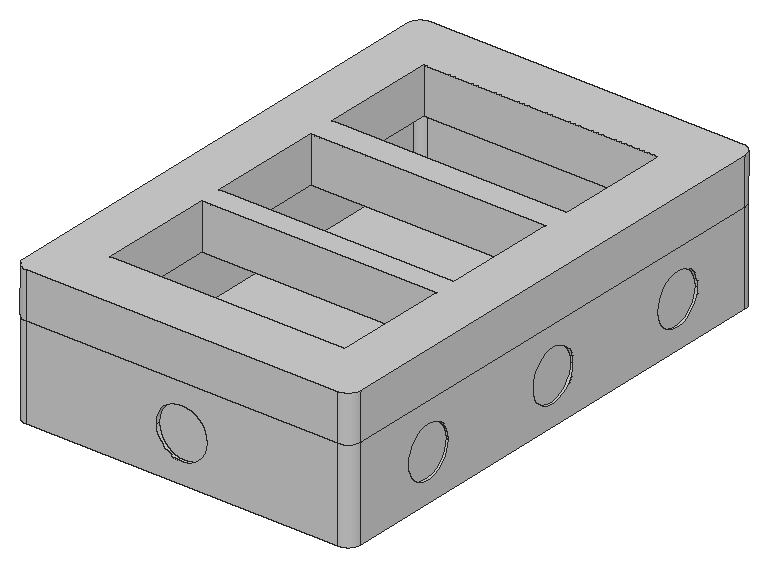
Revit family "Domotics-DomesticRanges-GEWISS-27COMBI_SYSTEM-IP40_2P+2P+2P_4P+4P+4P_VERTICAL", category Apparecchi elettrici, host Superficie, Revit 2016
Family settings
  Host = Superficie
  Mantenere orientamento annotazione = Sì
  Tipo di parte = Normale
  Quota connettore circolare = Usa diametro
  Numero OmniClass = 23.80.30.14.24
  Titolo OmniClass = Junction Boxes
  Taglio con vuoti quando caricato = Sì
  Condiviso = No
  Punto di calcolo locali = No
Parameters (values of type "GW27024 - 4x3 gangs vertical")
  Version file RFA = "19.4"
  URL = "https://www.gewiss.com/ww/en"
  Type of knockout holes = "Removable with tool"
  Torque screws tightening = "0,8NM"
  Tipo = SYSTEM CONTENITORI IP40 3P V_BASE : GW27024 - 4x3 posti verticali
  Thermo-pressure with ball = "70 °C"
  Technical sheet = "https://www.gewiss.com/ww/en/search?q=GW27024"
  Standard; = "EN 60670-1"
  Shock resistance = "IK07"
  SEO = "Enclosure"
  SCATOLA = GEWISS GRIGIO
  Realized by GEWISS S.p.A. = ""
  Produttore = "GEWISS S.p.A."
  Outer dim. LxHxD (mm) = "132x198x55"
  Offset contenitore [instance] = 0 mm
  Offset bidimensionale [instance] = Offset contenitore + 55 mm  # 55 mm
  No. knockout holes Ã˜23 = "12 on sides / 3 on the bottom"
  No. knockout holes Ã˜ 23 = "12"
  Modello = "GW27024"
  Lid screws = "Corrosion-resistant steel"
  Larghezza scatola = 132 mm
  Insulation class = "II"
  Installation temperature = "-25 +60 °C"
  IP degree = "IP40"
  IFC.TypeObject = ""
  IFC.ExportType = ""
  IFC.ExportAs = ""
  IDT = "3d13f3d9-1d3d-499b-bc30-5f792185b541"
  IDF = "5774814a-3d43-4596-b29a-0fe0abd6822c"
  Glow Wire Test = "650°C"
  Electrocod = "0212"
  EAN code = "8011564055353"
  Distanza simbolo [instance] = 231.658 mm
  Default Elevation = 1219.2 mm
  Immagine tipo = GW27024.jpg
  Dimensions LxHxD (mm) = "132x198x55"
  Descrizione = "VERT.12(4X3) GANG ENCLOSURE IP40"
  Description: = "12 gang"
  Configuration = "Module 4 x 3"
  Compartment pre-arrangement = "3"
  Colour = "Grey RAL 7035"
  Characteristics = "Halogen free"
  Catalogue Range = "27COMBI"
  Catalogue = "DOMOTICS"
  COBie.Tagnumber = ""
  COBie.CreatedOn = ""
  COBie.CreatebBy = ""
  COBie.ComponentRegisterItemID = ""
  COBie.Component.TagNumber = ""
  COBie.Component.Space = ""
  COBie.Component.SerialNumber = ""
  COBie.Component.InstallationDate = ""
  COBie.Component.Description = ""
  COBie.Component.BarCode = ""
  Bidimensionale = bidimensionale system contenitori IP40 3PV : 4P
  Altezza simbolo [instance] = 102.729 mm
Types (2, lengths in mm): name | Tipo | Technical sheet | Outer dim. LxHxD (mm) | No. knockout holes Ã˜23 | No. knockout holes Ã˜ 23 | Modello | Larghezza scatola | IDT | EAN code | Immagine tipo | Dimensions LxHxD (mm) | Descrizione | Description: | Configuration | Bidimensionale
  GW27022 - 2x3 gangs vertical | SYSTEM CONTENITORI IP40 3P V_BASE : GW27022 - 2x3 posti verticali | "https://www.gewiss.com/ww/en/search?q=GW27022" | "82x198x55" | "8 on sides / 2 on the bottom" | "8" | "GW27022" | 82 | "3b119ec6-0998-45b5-a511-7bca3aa36089" | "8011564055339" | GW27022.jpg | "82x198x55" | "VERT.6(3X2) GANG ENCLOSURE IP40" | "6 gang" | "Module 2 x 3" | bidimensionale system contenitori IP40 3PV : 2P
  GW27024 - 4x3 gangs vertical | SYSTEM CONTENITORI IP40 3P V_BASE : GW27024 - 4x3 posti verticali | "https://www.gewiss.com/ww/en/search?q=GW27024" | "132x198x55" | "12 on sides / 3 on the bottom" | "12" | "GW27024" | 132 | "3d13f3d9-1d3d-499b-bc30-5f792185b541" | "8011564055353" | GW27024.jpg | "132x198x55" | "VERT.12(4X3) GANG ENCLOSURE IP40" | "12 gang" | "Module 4 x 3" | bidimensionale system contenitori IP40 3PV : 4P
Reference planes
  plane 1 "Centro (Fronte/Retro)": y = 0
  plane 2: z = 0
  plane 3 "Centro (Sinistra/Destra)": x = 0
  plane 4: z = 0
  plane 5 "piano bidimensionale": z = 55
  plane 6: y = 99
  plane 7: y = -99
  plane 8 "2": x = -66
  plane 9 "1": x = 66
  plane 10: y = 61
  plane 11: y = -61
Forms (mm)
  Extrusion 1, solid, material "GEWISS GRIGIO" <- "SCATOLA", detail levels coarse
    sketch origin (0, 0, 55) x (0, -1, 0) y (1, 0, 0)
      loop
        arc (94, -66) -> (97.536, -64.536) -> (99, -61) r 5
        line (99, -61) -> (99, 61)
        arc (99, 61) -> (97.536, 64.536) -> (94, 66) r 5
        line (94, 66) -> (-94, 66)
        arc (-94, 66) -> (-97.536, 64.536) -> (-99, 61) r 5
        line (-99, 61) -> (-99, -61)
        arc (-99, -61) -> (-97.536, -64.536) -> (-94, -66) r 5
        line (-94, -66) -> (94, -66)
    from -55 to 0
Lines and regions (mm)
  Masking region 1
    outline origin (0, 0, 0) x (1, 0, 0) y (0, 0, 1)
      loop
        line (66, 0) -> (66, 55) -> (-66, 55) -> (-66, 0) -> (66, 0)
  Masking region 2
    outline origin (0, 0, 0) x (0, 1, 0) y (0, 0, 1)
      loop
        line (99, 0) -> (99, 55) -> (-99, 55) -> (-99, 0) -> (99, 0)
  Masking region 3, detail levels medium+fine
    outline origin (0, 0, 0) x (1, 0, 0) y (0, 0, 1)
      loop
        circle (0, 17.844) r 10
  Masking region 4, detail levels medium+fine
    outline origin (0, 0, 0) x (0, 1, 0) y (0, 0, 1)
      loop
        circle (0, 20.05) r 10
      loop
        circle (-61, 20.05) r 10
      loop
        circle (61, 20.05) r 10
Dimensions and locks
  "Offset contenitore": plane 4 to host face
  "Offset bidimensionale": plane 5 "piano bidimensionale" to plane 2
  "Larghezza scatola": plane 8 "2" to plane 9 "1"
  equal spacing: plane 8 "2", plane 3 "Centro (Sinistra/Destra)", plane 9 "1"
  equal spacing: plane 6, plane 1 "Centro (Fronte/Retro)", plane 7
  locked: plane 6 to plane 7 at 198
  plane 10 to plane 1 "Centro (Fronte/Retro)" to plane 11 = 61 mm locked, 61 mm locked
  aligned and locked: plane 2 to host face
  aligned and locked: level to host face
  aligned and locked: plane 1 "Centro (Fronte/Retro)" to nested 1
  aligned and locked: plane 3 "Centro (Sinistra/Destra)" to nested 1
  aligned and locked: Extrusion 1 sketch curve to nested 1
  aligned and locked: Extrusion 1 to plane 4
  aligned and locked: plane 5 "piano bidimensionale" to Extrusion 1
  aligned and locked: plane 3 "Centro (Sinistra/Destra)" to nested 2
  aligned and locked: plane 1 "Centro (Fronte/Retro)" to nested 2
  aligned and locked: plane 5 "piano bidimensionale" to nested 2
  aligned and locked: Extrusion 1 to plane 8 "2"
  aligned and locked: plane 9 "1" to Extrusion 1
  aligned and locked: Masking region 1 sketch curve to Extrusion 1  (x4)
  aligned and locked: Masking region 2 sketch curve to Extrusion 1  (x4)
  aligned and locked: nested 1 to Extrusion 1
Automatic sketch dimensions
  host sketch curve to host sketch curve = 2438.4 mm  (x2)
  Extrusion 1 sketch curve to plane 6 = 5 mm  (x2)
  plane 7 to Extrusion 1 sketch curve = 5 mm  (x2)
  Extrusion 1 sketch curve to plane 7 = 0 mm
  Extrusion 1 sketch curve to plane 8 "2" = 0 mm
  Extrusion 1 sketch curve to plane 9 "1" = 5 mm
  Masking region 3 sketch curve to plane 3 "Centro (Sinistra/Destra)" = 0 mm
  plane 4 to Masking region 3 sketch curve = 17.844 mm
  Masking region 4 sketch curve to plane 11 = 0 mm
  Masking region 4 sketch curve to plane 1 "Centro (Fronte/Retro)" = 0 mm
  Masking region 4 sketch curve to plane 10 = 0 mm
  plane 4 to Masking region 4 sketch curve = 20.05 mm  (x3)
  radius of Masking region 3 sketch curve = 10 mm
  radius of Masking region 4 sketch curve = 10 mm  (x3)
Nested families
  nested 1: "SYSTEM CONTENITORI IP40 3P V_BASE" at (0, 0, 0), type <- "Tipo", type "GW27024 - 4x3 posti verticali"
  nested 2: "bidimensionale system contenitori IP40 3PV" at (0, 0, 55), type <- "Bidimensionale", type "4P", detail levels coarse
Connectors
  cabletrayconduit at (0, -99, 18), diameter 20
    settings: on nested 1, index 4, connector width 300 mm, connector height 300 mm, connector angle 0.00°, system type 32, placement type 0, profile type 0, connector reference index -1, is primary connector yes, connector utility param no, connector description ""
  cabletrayconduit at (0, 99, 18), diameter 20
    settings: on nested 1, index 8, connector width 300 mm, connector height 300 mm, connector angle 0.00°, system type 32, placement type 0, profile type 0, connector reference index -1, is primary connector no, connector utility param no, connector description ""
  cabletrayconduit at (66, 0, 40), diameter 20
    settings: index 9, connector width 300 mm, connector height 300 mm, connector angle 0.00°, system type 32, placement type 0, profile type 0, connector reference index -1, is primary connector no, connector utility param no, connector description ""
  cabletrayconduit at (66, 61, 40), diameter 20
    settings: index 10, connector width 300 mm, connector height 300 mm, connector angle 0.00°, system type 32, placement type 0, profile type 0, connector reference index -1, is primary connector no, connector utility param no, connector description ""
  cabletrayconduit at (66, -61, 40), diameter 20
    settings: index 11, connector width 300 mm, connector height 300 mm, connector angle 0.00°, system type 32, placement type 0, profile type 0, connector reference index -1, is primary connector no, connector utility param no, connector description ""
  cabletrayconduit at (-66, 0, 40), diameter 20
    settings: index 12, connector width 300 mm, connector height 300 mm, connector angle 0.00°, system type 32, placement type 0, profile type 0, connector reference index -1, is primary connector no, connector utility param no, connector description ""
  cabletrayconduit at (-66, 61, 40), diameter 20
    settings: index 13, connector width 300 mm, connector height 300 mm, connector angle 0.00°, system type 32, placement type 0, profile type 0, connector reference index -1, is primary connector no, connector utility param no, connector description ""
  cabletrayconduit at (-66, -61, 40), diameter 20
    settings: index 14, connector width 300 mm, connector height 300 mm, connector angle 0.00°, system type 32, placement type 0, profile type 0, connector reference index -1, is primary connector no, connector utility param no, connector description ""
Definition of nested family "SYSTEM CONTENITORI IP40 3P V_BASE"
  Parameters (values of type "GW27024 - 4x3 posti verticali")
    SCATOLA = none
    PRESA = none
    Profondità scatola = 55 mm  # constant formula
    Larghezza scatola = 132 mm
    Larghezza foro = 92 mm
    Bidimensionale = 70 mm
    Altezza scatola = 198 mm  # constant formula
    Altezza foro = 45 mm
  Types (2, lengths in mm): name | Larghezza scatola | Larghezza foro
    GW27022 - 2x3 posti verticali | 82 | 46
    GW27024 - 4x3 posti verticali | 132 | 92
  Reference planes
    plane 1 "Centro (Fronte/Retro)": y = 0
    plane 2: z = 0
    plane 3 "Centro (Sinistra/Destra)": x = 0
    plane 4: y = -99
    plane 5: y = 99
    plane 6: x = -66
    plane 7: x = 66
    plane 8 "PIANO BIDIMENSIONALE": z = 70
    plane 9: z = 55
    plane 10: x = -46
    plane 11: x = 46
    plane 12: y = 21.5
    plane 13: y = -23.5
    plane 14: y = 32
    plane 15: y = 77
    plane 16: y = -32
    plane 17: y = -77
  Forms (mm)
    Extrusion 1, solid, material <- "SCATOLA", detail levels medium+fine
      sketch origin (0, 0, 66) x (0, -1, 0) y (1, 0, 0)
        loop
          arc (-99, -61) -> (-97.536, -64.536) -> (-94, -66) r 5
          line (-94, -66) -> (94, -66)
          arc (94, -66) -> (97.536, -64.536) -> (99, -61) r 5
          line (99, -61) -> (99, 61)
          arc (99, 61) -> (97.536, 64.536) -> (94, 66) r 5
          line (94, 66) -> (-94, 66)
          arc (-94, 66) -> (-97.536, 64.536) -> (-99, 61) r 5
          line (-99, 61) -> (-99, -61)
        loop
          arc (-94, 64) -> (-96.121, 63.121) -> (-97, 61) r 3
          line (-97, 61) -> (-97, -61)
          arc (-97, -61) -> (-96.121, -63.121) -> (-94, -64) r 3
          line (-94, -64) -> (94, -64)
          arc (94, -64) -> (96.121, -63.121) -> (97, -61) r 3
          line (97, -61) -> (97, 61)
          arc (97, 61) -> (96.121, 63.121) -> (94, 64) r 3
          line (94, 64) -> (-94, 64)
      from -66 to -30
    Extrusion 2, solid, material <- "SCATOLA", detail levels medium+fine
      sketch origin (0, 0, 56) x (0, -1, 0) y (1, 0, 0)
        loop
          line (-94, -66) -> (94, -66)
          arc (94, -66) -> (97.536, -64.536) -> (99, -61) r 5
          line (99, -61) -> (99, 61)
          arc (99, 61) -> (97.536, 64.536) -> (94, 66) r 5
          line (94, 66) -> (-94.002, 66)
          arc (-94.002, 66) -> (-97.536, 64.535) -> (-99, 61) r 5
          line (-99, 61) -> (-99, -61)
          arc (-99, -61) -> (-97.536, -64.536) -> (-94, -66) r 5
        loop
          line (32, -46) -> (77, -46) -> (77, 46) -> (32, 46) -> (32, -46)
        loop
          line (-77, -46) -> (-32, -46) -> (-32, 46) -> (-77, 46) -> (-77, -46)
        loop
          line (-21.5, -46) -> (23.5, -46) -> (23.5, 46) -> (-21.5, 46) -> (-21.5, -46)
      from -20 to -2
    Extrusion 3, void, detail levels medium+fine
      sketch origin (0, 0, 0) x (0, 1, 0) y (0, 0, 1)
        loop
          circle (0, 18) r 10
        loop
          circle (61, 18) r 10
        loop
          circle (-61, 18) r 10
      from 64.779 to 66
    Extrusion 4, void, detail levels medium+fine
      sketch origin (0, 25.408, 0) x (1, 0, 0) y (0, 0, -1)
        loop
          circle (0, -18) r 10
      from 72.882 to 73.592
    Extrusion 5, void, detail levels medium+fine
      sketch origin (-81, 0, 0) x (0, 1, 0) y (0, 0, 1)
        loop
          circle (0, 18) r 10
        loop
          circle (54.5, 18) r 10
        loop
          circle (-56.5, 18) r 10
      from 15 to 16
    Extrusion 6, void
      sketch origin (0, 0, 0) x (1, 0, 0) y (0, 0, 1)
        loop
          circle (0, 18) r 10
      from 97.732 to 99
    Extrusion 7, solid, material <- "SCATOLA", detail levels medium+fine
      sketch origin (0, 0, 0) x (1, 0, 0) y (0, 1, 0)
        loop
          line (-64, 94) -> (-64, -94)
          arc (-64, -94) -> (-63.121, -96.121) -> (-61, -97) r 3
          line (-61, -97) -> (61, -97)
          arc (61, -97) -> (63.121, -96.121) -> (64, -94) r 3
          line (64, -94) -> (64, 94)
          arc (64, 94) -> (63.121, 96.121) -> (61, 97) r 3
          line (61, 97) -> (-61, 97)
          arc (-61, 97) -> (-63.121, 96.121) -> (-64, 94) r 3
      from 0 to 1
  Cuts and joins
    Extrusion 3, Extrusion 4, Extrusion 5, Extrusion 6 cuts Extrusion 1
  Lines and regions (mm)
    Masking region 1
      outline origin (0, 0, 70) x (-1, 0, 0) y (0, -1, 0)
        loop
          circle (-61, -94) r 2
        loop
          line (66, -94) -> (66, 94)
          arc (66, 94) -> (64.536, 97.536) -> (61, 99) r 5
          line (61, 99) -> (-61, 99)
          arc (-61, 99) -> (-64.536, 97.536) -> (-66, 94) r 5
          line (-66, 94) -> (-66, -94)
          arc (-66, -94) -> (-64.536, -97.536) -> (-61, -99) r 5
          line (-61, -99) -> (61, -99)
          arc (61, -99) -> (64.536, -97.536) -> (66, -94) r 5
        loop
          circle (61, 94) r 2
        loop
          circle (61, -94) r 2
        loop
          circle (-61, 94) r 2
        loop
          line (46, 77) -> (-46, 77) -> (-46, 32) -> (46, 32) -> (46, 77)
        loop
          line (46, 23.5) -> (-46, 23.5) -> (-46, -21.5) -> (46, -21.5) -> (46, 23.5)
        loop
          line (46, -32) -> (-46, -32) -> (-46, -77) -> (46, -77) -> (46, -32)
    Masking region 2
      outline origin (0, 0, 70) x (-1, 0, 0) y (0, -1, 0)
        loop
          line (46, -77) -> (46, -32) -> (-46, -32) -> (-46, -77) -> (46, -77)
        loop
          line (46, -21.5) -> (46, 23.5) -> (-46, 23.5) -> (-46, -21.5) -> (46, -21.5)
        loop
          line (46, 32) -> (46, 77) -> (-46, 77) -> (-46, 32) -> (46, 32)
        loop
          circle (61, -94) r 2
        loop
          circle (-61, -94) r 2
        loop
          circle (61, 94) r 2
        loop
          circle (-61, 94) r 2
  Dimensions and locks
    equal spacing: plane 4, plane 1 "Centro (Fronte/Retro)", plane 5
    plane 4 to plane 5 = 198 mm
    equal spacing: plane 6, plane 3 "Centro (Sinistra/Destra)", plane 7
    "Larghezza scatola": plane 6 to plane 7
    equal spacing: plane 5, plane 1 "Centro (Fronte/Retro)", plane 4
    "Altezza scatola": plane 5 to plane 4
    "Bidimensionale": plane 8 "PIANO BIDIMENSIONALE" to level
    "Profondità scatola": plane 9 to plane 2
    equal spacing: plane 10, plane 3 "Centro (Sinistra/Destra)", plane 11
    "Larghezza foro": plane 10 to plane 11
    "Altezza foro": plane 12 to plane 13
    "Altezza foro": plane 15 to plane 14
    "Altezza foro": plane 17 to plane 16
    locked: Extrusion 2 to cut or joined group of Extrusion 1, Extrusion 3, Extrusion 4, Extrusion 5, Extrusion 6 at 1
    locked: cut or joined group of Extrusion 1, Extrusion 3, Extrusion 4, Extrusion 5, Extrusion 6 to Extrusion 2 at 1.221
    aligned and locked: level to plane 2
    aligned and locked: Extrusion 2 to plane 6
    aligned and locked: Extrusion 2 to plane 7
    aligned and locked: Extrusion 2 to plane 4
    aligned and locked: plane 5 to Extrusion 2
    aligned and locked: Extrusion 2 to Extrusion 1
    aligned and locked: plane 7 to Extrusion 3
    aligned and locked: Extrusion 2 sketch curve to plane 10
    aligned and locked: Extrusion 6 to plane 4
    aligned and locked: Extrusion 7 to cut or joined group of Extrusion 1, Extrusion 3, Extrusion 4, Extrusion 5, Extrusion 6  (x4)
    aligned and locked: Extrusion 2 sketch curve to plane 12
    aligned and locked: plane 13 to Extrusion 2 sketch curve
    aligned and locked: plane 14 to Extrusion 2 sketch curve
    aligned and locked: Extrusion 2 sketch curve to plane 15
    aligned and locked: Extrusion 2 sketch curve to plane 11  (x2)
    aligned and locked: plane 10 to Extrusion 2 sketch curve  (x2)
    aligned and locked: plane 16 to Extrusion 2
    aligned and locked: Masking region 2 to plane 16
    aligned and locked: Extrusion 2 to plane 17
    aligned and locked: plane 17 to Masking region 2
    aligned and locked: plane 16 to Masking region 1
    aligned and locked: Extrusion 5 to plane 6
  Automatic sketch dimensions
    Extrusion 1 sketch curve to plane 5 = 0 mm
    Extrusion 1 sketch curve to plane 6 = 0 mm
    Extrusion 1 sketch curve to plane 7 = 0 mm
    Extrusion 1 sketch curve to plane 4 = 0 mm
    Extrusion 1 sketch curve to Extrusion 1 sketch curve = 5 mm  (x2)
    plane 4 to Extrusion 1 sketch curve = 5 mm  (x2)
    Extrusion 3 sketch curve to plane 1 "Centro (Fronte/Retro)" = 0 mm
    level to Extrusion 3 sketch curve = 18 mm  (x3)
    Extrusion 4 sketch curve to plane 3 "Centro (Sinistra/Destra)" = 0 mm
    level to Extrusion 4 sketch curve = 18 mm
    Extrusion 6 sketch curve to Extrusion 6 sketch curve = 0 mm  (x2)
    Extrusion 6 sketch curve to plane 3 "Centro (Sinistra/Destra)" = 0 mm
    level to Extrusion 6 sketch curve = 18 mm
    Extrusion 6 sketch curve to plane 3 "Centro (Sinistra/Destra)" = 10 mm
    Extrusion 1 sketch curve to Extrusion 1 sketch curve = 0 mm  (x7)
    Extrusion 1 sketch curve to Extrusion 1 sketch curve = 2 mm
    plane 6 to Extrusion 7 sketch curve = 2 mm
    Extrusion 7 sketch curve to plane 5 = 2 mm
    plane 4 to Extrusion 7 sketch curve = 2 mm
    Extrusion 7 sketch curve to plane 7 = 2 mm
    plane 6 to Extrusion 7 sketch curve = 5 mm
    plane 4 to Extrusion 7 sketch curve = 5 mm  (x2)
    Extrusion 7 sketch curve to Extrusion 7 sketch curve = 3 mm
    plane 1 "Centro (Fronte/Retro)" to Extrusion 3 sketch curve = 61 mm
    Extrusion 3 sketch curve to plane 1 "Centro (Fronte/Retro)" = 61 mm
    Extrusion 2 sketch curve to plane 5 = 0 mm
    Extrusion 2 sketch curve to plane 7 = 0 mm
    Extrusion 2 sketch curve to plane 6 = 0 mm
    Extrusion 2 sketch curve to plane 4 = 0 mm
    Extrusion 2 sketch curve to plane 5 = 4.998 mm
    Extrusion 2 sketch curve to plane 5 = 5 mm
    Extrusion 2 sketch curve to Extrusion 2 sketch curve = 0.002 mm
    plane 4 to Extrusion 2 sketch curve = 5 mm  (x2)
    Extrusion 5 sketch curve to plane 1 "Centro (Fronte/Retro)" = 0 mm
    plane 14 to Extrusion 5 sketch curve = 22.5 mm
    level to Extrusion 5 sketch curve = 18 mm  (x3)
    Masking region 1 sketch curve to Masking region 1 sketch curve = 0 mm  (x8)
    Masking region 1 sketch curve to plane 7 = 0 mm
    Masking region 1 sketch curve to plane 4 = 0 mm
    Masking region 1 sketch curve to plane 5 = 0 mm
    Masking region 1 sketch curve to plane 11 = 0 mm  (x3)
    Masking region 1 sketch curve to plane 10 = 0 mm  (x3)
    Masking region 1 sketch curve to plane 6 = 0 mm
    Masking region 1 sketch curve to plane 15 = 0 mm
    Masking region 1 sketch curve to plane 14 = 0 mm
    Masking region 1 sketch curve to plane 12 = 0 mm
    Masking region 1 sketch curve to plane 13 = 0 mm
    Masking region 1 sketch curve to plane 7 = 5 mm  (x2)
    Masking region 1 sketch curve to Masking region 1 sketch curve = 5 mm
    plane 4 to Masking region 1 sketch curve = 5 mm
    Masking region 1 sketch curve to Masking region 1 sketch curve = 2 mm  (x3)
    Extrusion 2 sketch curve to plane 11 = 0 mm
    Masking region 2 sketch curve to plane 11 = 0 mm  (x3)
    Masking region 2 sketch curve to plane 10 = 0 mm  (x3)
    Masking region 2 sketch curve to plane 15 = 0 mm
    Masking region 2 sketch curve to plane 14 = 0 mm
    Masking region 2 sketch curve to plane 12 = 0 mm
    Masking region 2 sketch curve to plane 13 = 0 mm
    plane 6 to Masking region 2 sketch curve = 5 mm  (x2)
    Masking region 2 sketch curve to plane 5 = 5 mm  (x2)
    Masking region 2 sketch curve to Masking region 2 sketch curve = 2 mm  (x4)
    Masking region 2 sketch curve to plane 7 = 5 mm  (x2)
    plane 4 to Masking region 2 sketch curve = 5 mm  (x2)
    plane 4 to Extrusion 2 sketch curve = 22 mm
    plane 4 to Masking region 1 sketch curve = 22 mm
    plane 4 to Masking region 2 sketch curve = 22 mm
    Extrusion 2 sketch curve to Extrusion 2 sketch curve = 8.5 mm
    Masking region 1 sketch curve to Masking region 1 sketch curve = 8.5 mm
    Extrusion 5 sketch curve to plane 13 = 33 mm
    Masking region 2 sketch curve to Masking region 2 sketch curve = 8.5 mm
    radius of Extrusion 3 sketch curve = 10 mm  (x3)
    radius of Extrusion 4 sketch curve = 10 mm
    radius of Extrusion 5 sketch curve = 10 mm  (x3)
    radius of Masking region 1 sketch curve = 2 mm
Definition of nested family "bidimensionale system contenitori IP40 3PV"
  Parameters (values of type "4P")
    Larghezza scatola = 132 mm
    Larghezza foro = 92 mm
    Altezza scatola = 198 mm
    Altezza foro = 45 mm  # constant formula
  Types (2, lengths in mm): name | Larghezza scatola | Larghezza foro
    2P | 82 | 46
    4P | 132 | 92
  Reference planes
    plane 1 "Centro (Fronte/Retro)": y = 0
    plane 2: z = 0
    plane 3 "Centro (Sinistra/Destra)": x = 0
    plane 4: x = -66
    plane 5: x = 66
    plane 6: y = 99
    plane 7: y = -99
    plane 8: x = 46
    plane 9: x = -46
    plane 10: y = 21.5
    plane 11: y = -23.5
    plane 12: y = 32
    plane 13: y = 77
    plane 14: y = -32
    plane 15: y = -77
  Lines and regions (mm)
    model lines
      curve 1: line (-66, -94, 0) -> (-66, 94, 0)
      curve 2: arc (-66, 94, 0) -> (-64.536, 97.536, 0) -> (-61, 99, 0) r 5
      curve 3: line (-61, 99, 0) -> (61, 99, 0)
      curve 4: arc (61, 99, 0) -> (64.536, 97.536, 0) -> (66, 94, 0) r 5
      curve 5: line (66, 94, 0) -> (66, -94, 0)
      curve 6: arc (66, -94, 0) -> (64.536, -97.536, 0) -> (61, -99, 0) r 5
      curve 7: line (61, -99, 0) -> (-61, -99, 0)
      curve 8: arc (-61, -99, 0) -> (-64.536, -97.536, 0) -> (-66, -94, 0) r 5
      curve 9: circle (-61, 94, 0) r 2 normal (0, 0, 1)
      curve 10: circle (61, 94, 0) r 2 normal (0, 0, 1)
      curve 11: circle (61, -94, 0) r 2 normal (0, 0, 1)
      curve 12: circle (-61, -94, 0) r 2 normal (0, 0, 1)
      curve 13: line (-46, -21.5, 0) -> (-46, 21.5, 0)
      curve 14: line (-46, 21.5, 0) -> (-46, 22.5, 0)
      curve 15: arc (-46, 22.5, 0) -> (-45.414, 23.914, 0) -> (-44, 24.5, 0) r 2
      curve 16: line (-44, 24.5, 0) -> (44, 24.5, 0)
      curve 17: arc (44, 24.5, 0) -> (45.414, 23.914, 0) -> (46, 22.5, 0) r 2
      curve 18: line (46, 22.5, 0) -> (46, -21.5, 0)
      curve 19: arc (46, -21.5, 0) -> (45.414, -22.914, 0) -> (44, -23.5, 0) r 2
      curve 20: line (44, -23.5, 0) -> (-44, -23.5, 0)
      curve 21: arc (-44, -23.5, 0) -> (-45.414, -22.914, 0) -> (-46, -21.5, 0) r 2
      curve 22: line (-44, 21.5, 0) -> (44, 21.5, 0)
      curve 23: arc (-44, 21.5, 0) -> (-45.414, 20.914, 0) -> (-46, 19.5, 0) r 2
      curve 24: arc (46, 19.5, 0) -> (45.414, 20.914, 0) -> (44, 21.5, 0) r 2
      curve 25: line (46, 78, 0) -> (46, 34, 0)
      curve 26: arc (46, 34, 0) -> (45.414, 32.586, 0) -> (44, 32, 0) r 2
      curve 27: line (44, 32, 0) -> (-44, 32, 0)
      curve 28: arc (-44, 32, 0) -> (-45.414, 32.586, 0) -> (-46, 34, 0) r 2
      curve 29: line (-46, 34, 0) -> (-46, 77, 0)
      curve 30: line (-46, 77, 0) -> (-46, 78, 0)
      curve 31: arc (-46, 78, 0) -> (-45.414, 79.414, 0) -> (-44, 80, 0) r 2
      curve 32: line (-44, 80, 0) -> (44, 80, 0)
      curve 33: arc (44, 80, 0) -> (45.414, 79.414, 0) -> (46, 78, 0) r 2
      curve 34: arc (-46, 75, 0) -> (-45.414, 76.414, 0) -> (-44, 77, 0) r 2
      curve 35: line (-44, 77, 0) -> (44, 77, 0)
      curve 36: arc (44, 77, 0) -> (45.414, 76.414, 0) -> (46, 75, 0) r 2
      curve 37: line (46, -31, 0) -> (46, -75, 0)
      curve 38: arc (46, -75, 0) -> (45.414, -76.414, 0) -> (44, -77, 0) r 2
      curve 39: line (44, -77, 0) -> (-44, -77, 0)
      curve 40: arc (-44, -77, 0) -> (-45.414, -76.414, 0) -> (-46, -75, 0) r 2
      curve 41: line (-46, -75, 0) -> (-46, -32, 0)
      curve 42: line (-46, -32, 0) -> (-46, -31, 0)
      curve 43: arc (-46, -31, 0) -> (-45.414, -29.586, 0) -> (-44, -29, 0) r 2
      curve 44: line (-44, -29, 0) -> (44, -29, 0)
      curve 45: arc (44, -29, 0) -> (45.414, -29.586, 0) -> (46, -31, 0) r 2
      curve 46: arc (-46, -34, 0) -> (-45.414, -32.586, 0) -> (-44, -32, 0) r 2
      curve 47: line (-44, -32, 0) -> (44, -32, 0)
      curve 48: arc (44, -32, 0) -> (45.414, -32.586, 0) -> (46, -34, 0) r 2
  Dimensions and locks
    equal spacing: plane 6, plane 1 "Centro (Fronte/Retro)", plane 7
    equal spacing: plane 4, plane 3 "Centro (Sinistra/Destra)", plane 5
    "Altezza scatola": plane 6 to plane 7
    "Larghezza scatola": plane 4 to plane 5
    equal spacing: plane 9, plane 3 "Centro (Sinistra/Destra)", plane 8
    "Larghezza foro": plane 9 to plane 8
    "Altezza foro": plane 10 to plane 11
    "Altezza foro": plane 13 to plane 12
    "Altezza foro": plane 15 to plane 14
    aligned and locked: level to plane 2
    aligned and locked: curve 47 to plane 14
    aligned and locked: curve 39 to plane 15
  Automatic sketch dimensions
    curve 2 to curve 9 = 0 mm  (x2)
    curve 4 to curve 10 = 0 mm  (x2)
    curve 6 to curve 11 = 0 mm  (x2)
    curve 8 to curve 12 = 0 mm  (x2)
    curve 1 to plane 4 = 0 mm
    curve 3 to plane 6 = 0 mm
    curve 8 to plane 7 = 0 mm
    curve 46 to plane 9 = 0 mm
    curve 38 to plane 8 = 0 mm
    curve 5 to plane 5 = 0 mm
    plane 14 to curve 41 = 0 mm
    curve 14 to plane 10 = 0 mm
    curve 30 to plane 13 = 0 mm
    plane 4 to curve 3 = 5 mm
    curve 8 to curve 8 = 5 mm
    plane 9 to curve 39 = 2 mm
    curve 43 to plane 14 = 1 mm
    plane 9 to curve 43 = 2 mm
    plane 9 to curve 34 = 2 mm
    plane 9 to curve 32 = 2 mm
    plane 9 to curve 20 = 2 mm
    plane 9 to curve 22 = 2 mm
    curve 15 to curve 22 = 0 mm
    curve 47 to curve 43 = 0 mm
    plane 9 to curve 28 = 2 mm
    curve 27 to plane 8 = 2 mm
    curve 24 to curve 24 = 2 mm
    curve 16 to plane 8 = 2 mm
    curve 44 to plane 8 = 2 mm
    curve 20 to plane 8 = 2 mm
    curve 47 to curve 45 = 0 mm
    curve 32 to plane 8 = 2 mm
    curve 35 to curve 33 = 0 mm
    curve 39 to plane 8 = 2 mm
    curve 10 to curve 4 = 5 mm
    curve 7 to plane 5 = 5 mm
    plane 10 to curve 14 = 1 mm
    plane 13 to curve 25 = 1 mm
    curve 34 to plane 9 = 0 mm
    curve 13 to plane 9 = 0 mm
    curve 24 to plane 10 = 0 mm
    curve 36 to plane 8 = 0 mm
    curve 24 to plane 8 = 0 mm
    curve 20 to plane 11 = 0 mm
    curve 26 to plane 12 = 0 mm
    curve 36 to plane 13 = 0 mm
    radius of curve 9 = 2 mm
    radius of curve 10 = 2 mm
    radius of curve 11 = 2 mm
    radius of curve 12 = 2 mm
